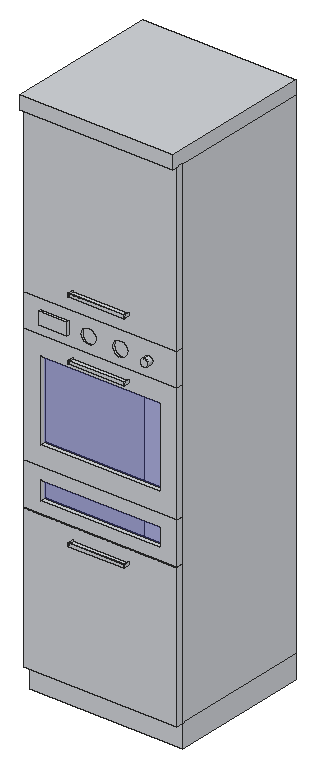
Revit family "Tower Unit - Oven", category 케이스워크, Revit 2026
Family settings
  작업 기준면 기반 = 아니오
  항상 수직 = 예
  로드될 때 보이드를 사용하여 절단 = 아니오
  공유 = 아니오
  룸 계산 점 = 아니오
Parameters (values of type "600 x 600 x 2105mm")
  기본 높이 = 0 mm
  Top Material = none
  Oven Material = none
  Material = none
  Handle Material = none
  Glass Material = Glass
  깊이 = 600 mm
  높이 = 2105 mm
  폭 = 600 mm
  Assembly Code = ""
Reference planes
  plane 1 "Back": y = 0
  plane 2: z = 0
  plane 3 "Center (Left/Right)": x = 44.7
  plane 4 "Front": y = -600
  plane 5 "Left": x = -255.3
  plane 6 "Right": x = 344.7
  plane 7 "Top": z = 2105
  plane 8: z = 90
  plane 9: z = 2055
  plane 10: z = 727
  plane 11: z = 1405
  plane 12: z = 650
Forms (mm)
  Extrusion 1, solid
    sketch origin (0, 0, 0) x (1, 0, 0) y (0, 1, 0)
      loop
        line (-255.3, 0) -> (-255.3, -558) -> (-233.3, -558) -> (-233.3, -22) -> (322.7, -22) -> (322.7, -558) -> (344.7, -558) -> (344.7, 0) -> (-255.3, 0)
    from 90 to 2055
  Extrusion 2, solid, material <- "Top Material"
    sketch origin (0, 0, 2105) x (0, -1, 0) y (-1, 0, 0)
      loop
        line (0, 255.3) -> (0, -344.7) -> (600, -344.7) -> (600, 255.3) -> (0, 255.3)
    from 0 to 50
  Extrusion 3, solid, material <- "Material"
    sketch origin (-255.3, -558, 2055) x (0, 0, -1) y (1, 0, 0)
      loop
        line (0, 0) -> (648, 0) -> (648, 600) -> (0, 600) -> (0, 0)
      loop
        line (1407, 0) -> (1965, 0) -> (1965, 600) -> (1407, 600) -> (1407, 0)
    from 0 to 22
  Extrusion 4, solid
    sketch origin (0, 0, 900) x (0, -1, 0) y (-1, 0, 0)
      loop
        line (0.534, 255.3) -> (0.534, -344.7) -> (550.534, -344.7) -> (550.534, 255.3) -> (0.534, 255.3)
    from 810 to 900
  Extrusion 5, solid, material <- "Oven Material"
    sketch origin (-255.3, -558, 2055) x (0, 0, -1) y (1, 0, 0)
      loop
        line (1405, 0) -> (1405, 600) -> (1240.93, 600) -> (1240.93, 0) -> (1405, 0)
      loop
        line (774.07, 0) -> (774.07, 600) -> (650, 600) -> (650, 0) -> (774.07, 0)
      loop
        line (776.07, 0) -> (1238.93, 0) -> (1238.93, 600) -> (776.07, 600) -> (776.07, 0)
      loop
        line (1285.93, 65) -> (1360, 65) -> (1360, 535) -> (1285.93, 535) -> (1285.93, 65)
      loop
        line (1163.93, 65) -> (1163.93, 535) -> (851.07, 535) -> (851.07, 65) -> (1163.93, 65)
    from 0 to 22
  Extrusion 6, solid, material <- "Oven Material"
    sketch origin (-255.3, -580, 2055) x (0, 0, -1) y (1, 0, 0)
      loop
        circle (717.11, 488.484) r 15
    from 0 to 22
  Extrusion 7, void
    sketch origin (-255.3, -580, 2055) x (0, 0, 1) y (1, 0, 0)
      loop
        circle (-717.11, 378.484) r 30
      loop
        circle (-717.11, 253.484) r 30
    from 0 to 6
  Extrusion 8, solid, material "Glass" <- "Glass Material"
    sketch origin (-255.3, -558, 2055) x (0, 0, -1) y (1, 0, 0)
      loop
        line (851.07, 65) -> (1163.93, 65) -> (1163.93, 535) -> (851.07, 535) -> (851.07, 65)
      loop
        line (1285.93, 65) -> (1360, 65) -> (1360, 535) -> (1285.93, 535) -> (1285.93, 65)
    from 0 to 8
  Extrusion 9, solid, material <- "Oven Material"
    sketch origin (-255.3, -580, 2055) x (0, 0, -1) y (1, 0, 0)
      loop
        line (738.338, 65) -> (738.338, 174.171) -> (688.338, 174.171) -> (688.338, 65) -> (738.338, 65)
    from 0 to 8
Cuts and joins
  Extrusion 7 cuts Extrusion 1
  Extrusion 7 cuts Extrusion 2
  Extrusion 7 cuts Extrusion 3
  Extrusion 7 cuts Extrusion 4
  Extrusion 7 cuts Extrusion 5
  Extrusion 7 cuts Extrusion 6
Dimensions and locks
  "폭": plane 6 "Right" to plane 5 "Left"
  equal spacing: plane 6 "Right", plane 3 "Center (Left/Right)", plane 5 "Left"
  "깊이": plane 4 "Front" to plane 1 "Back"
  "높이": level to plane 7 "Top"
  locked: Extrusion 1 sketch curve to Extrusion 1 sketch curve at 22  (x3)
  locked: plane 8 to level at 90
  plane 7 "Top" to plane 9 = 50 mm
  plane 5 "Left" to plane 6 "Right" = 600 mm
  plane 10 to plane 8 = 637 mm
  plane 12 to level = 650 mm
  plane 9 to plane 11 to plane 12 = 650 mm, 755 mm
  equal spacing: Extrusion 5 sketch curve, plane 3 "Center (Left/Right)", Extrusion 5 sketch curve
  Extrusion 5 sketch curve to Extrusion 5 sketch curve = 75 mm  (x2)
  Extrusion 5 sketch curve to Extrusion 5 sketch curve = 45 mm  (x2)
  aligned and locked: Extrusion 1 sketch curve to plane 6 "Right"
  aligned and locked: plane 1 "Back" to Extrusion 1 sketch curve
  aligned and locked: plane 5 "Left" to Extrusion 1 sketch curve
  aligned and locked: Extrusion 1 to plane 9
  aligned and locked: plane 8 to Extrusion 1
  aligned and locked: Extrusion 5 sketch curve to Extrusion 5 sketch curve  (x2)
  aligned and locked: Extrusion 8 sketch curve to cut or joined group of Extrusion 5, Extrusion 7  (x8)
Automatic sketch dimensions
  Extrusion 2 sketch curve to plane 1 "Back" = 0 mm
  Extrusion 2 sketch curve to plane 4 "Front" = 0 mm
  Extrusion 2 sketch curve to plane 5 "Left" = 0 mm
  Extrusion 2 sketch curve to plane 6 "Right" = 0 mm
  Extrusion 1 sketch curve to plane 4 "Front" = 42 mm  (x2)
  Extrusion 4 sketch curve to plane 6 "Right" = 0 mm
  Extrusion 4 sketch curve to plane 5 "Left" = 0 mm
  plane 1 "Back" to Extrusion 4 sketch curve = 0.534 mm
  Extrusion 4 sketch curve to plane 4 "Front" = 49.466 mm
  Extrusion 3 sketch curve to plane 6 "Right" = 0 mm  (x2)
  Extrusion 3 sketch curve to plane 9 = 0 mm
  Extrusion 3 sketch curve to plane 5 "Left" = 0 mm  (x2)
  Extrusion 3 sketch curve to plane 8 = 0 mm
  Extrusion 3 sketch curve to plane 11 = 2 mm
  plane 12 to Extrusion 3 sketch curve = 2 mm
  Extrusion 5 sketch curve to plane 5 "Left" = 0 mm  (x3)
  Extrusion 5 sketch curve to plane 11 = 0 mm
  Extrusion 5 sketch curve to plane 6 "Right" = 0 mm  (x3)
  Extrusion 5 sketch curve to plane 12 = 0 mm
  plane 11 to Extrusion 5 sketch curve = 124.07 mm
  Extrusion 5 sketch curve to Extrusion 5 sketch curve = 2 mm  (x2)
  Extrusion 5 sketch curve to plane 6 "Right" = 65 mm
  Extrusion 5 sketch curve to plane 12 = 241.07 mm
  plane 11 to Extrusion 6 sketch curve = 67.11 mm
  Extrusion 6 sketch curve to plane 6 "Right" = 111.516 mm
  plane 11 to Extrusion 7 sketch curve = 67.11 mm  (x2)
  Extrusion 7 sketch curve to plane 3 "Center (Left/Right)" = 46.516 mm
  plane 3 "Center (Left/Right)" to Extrusion 7 sketch curve = 78.484 mm
  plane 11 to Extrusion 9 sketch curve = 38.338 mm
  Extrusion 9 sketch curve to Extrusion 9 sketch curve = 50 mm
  plane 5 "Left" to Extrusion 9 sketch curve = 65 mm
  Extrusion 9 sketch curve to Extrusion 9 sketch curve = 109.171 mm
  radius of Extrusion 6 sketch curve = 15 mm
  radius of Extrusion 7 sketch curve = 30 mm  (x2)
Nested families
  nested 1: "Casework Handle" at (319.577, -603, 589.18), type "220 x 23mm"
  nested 2: "Casework Handle" at (319.577, -603, 1229.18), type "220 x 23mm"
  nested 3: "Casework Handle" at (319.577, -603, 1465.82), type "220 x 23mm"
Definition of nested family "Casework Handle"
  Parameters
    Default Elevation = 0 mm
    Material = none
  Reference planes
    plane 1 "Center (Front/Back)": y = 0
    plane 2: z = 0
    plane 3 "Center (Left/Right)": x = -274.877
    plane 4: x = -384.877
    plane 5: x = -164.877
    plane 6: y = 23
    plane 7: z = 12
  Forms (mm)
    Sweep 1, solid, material <- "Material"
      path origin (0, 0, 0) x (1, 0, 0) y (0, 1, 0)
        loop
          line (-384.877, 23) -> (-384.877, 2.5)
          arc (-384.877, 2.5) -> (-384.145, 0.732) -> (-382.377, 0) r 2.5
          line (-382.377, 0) -> (-167.377, 0)
          arc (-167.377, 0) -> (-165.609, 0.732) -> (-164.877, 2.5) r 2.5
          line (-164.877, 2.5) -> (-164.877, 23)
      profile origin (0, 12.75, 0) x (1, 0, 0) y (0, 0, 1)
        loop
          line (-384.877, 0) -> (-382.877, 0) -> (-382.877, 12) -> (-384.877, 12) -> (-384.877, 0)
    Extrusion 2, solid, material <- "Material"
      sketch origin (0, 0, 0) x (1, 0, 0) y (0, 1, 0)
        loop
          arc (-382.877, 2.5) -> (-382.731, 2.146) -> (-382.377, 2) r 0.5
          line (-382.377, 2) -> (-167.377, 2)
          arc (-167.377, 2) -> (-167.023, 2.146) -> (-166.877, 2.5) r 0.5
          line (-166.877, 2.5) -> (-166.877, 23) -> (-382.877, 23) -> (-382.877, 2.5)
      from 2.765 to 9.254
  Dimensions and locks
    equal spacing: plane 4, plane 3 "Center (Left/Right)", plane 5
